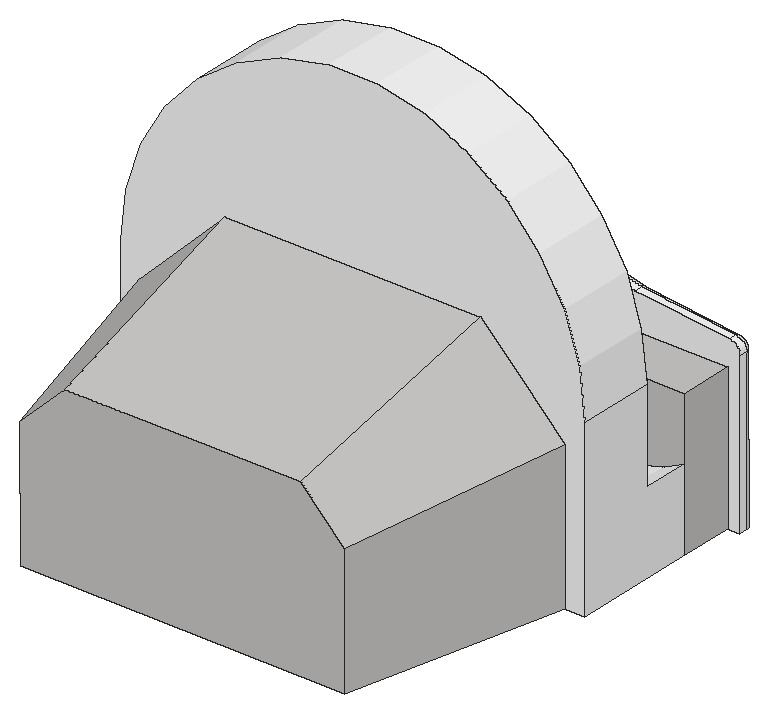
Revit family "Basin-One_Station-Acorn-Kurve®, Meridian-3791_Series", category Plumbing Fixtures, host Face, Revit 2019
Family settings
  Host = Face
  Round Connector Dimension = Use Diameter
  Part Type = Normal
  OmniClass Number = 23.45.05.14.14
  OmniClass Title = Sinks/Lavatories
  Cut with Voids When Loaded = No
  Shared = Yes
  Room Calculation Point = No
Parameters (values of type "3791-RO")
  Width = 21"
  Waste Connection Width = 0"
  Waste Connection Height = 25"  # constant formula
  Waste Connection Diameter = 1 1/2"  # constant formula
  Waste Connection = yes
  Warranty Documentation Link = "https://www.acorneng.com/uploads/docs/AE_Terms_General.pdf"
  WFU = 2  # constant formula
  Vent Connection = no
  URL = "https://www.acorneng.com/"
  Type Comments = ""
  Sensor Material = Plastic-Acorn-Black
  ST - Single Temperature Valve = no
  SO-BAT- Sensor Operation (Batteries Not Included) = no
  SO - Sensor Operated = no
  RO - Right Offset = yes
  Product Page URL = "https://www.acorneng.com/single-station-solid-surface-basin-3791"
  Product Documentation Link = "https://www.acorneng.com/uploads/fileLibrary/3791.pdf"
  PPZ - Programmable Piezo Push button Electronic Metering = no
  Operating Range = "30 PSI - 100 PSI"
  Model Type = Basin-One_Station-Acorn-Kurve®, Meridian-3791-RO : 3791-RO
  Model = "3791-RO"
  Material = "Polymer Resin Corterra-Acorn-Solid Surface OCC11M"  # constant formula
  Manufacturer = "Acorn"  # constant formula
  Length = 24 5/8"
  LWP - Less Waste Piping = no
  LO - Left Offset = no
  Installation Type = "Wall Mounted"  # constant formula
  Inlet Connection Height = 21 1/2"
  Inlet Connection Diameter = 1/2"  # constant formula
  Height = 21"
  HWFU = 1.5  # constant formula
  HW Connection = yes
  HW & CW Width = 0"
  H - Hand Operation = no
  Flow Rate = "0.5 GPM"
  Faucet Material = Metal-Acorn-Stainless Steel
  Description = "One Station, Cast Solid Surface Kurve® Wash Basin"  # constant formula
  Default Elevation = 34"
  DV - Liquid / Lotion Soap Dispenser = yes
  Creation Date = "11/17/2023"  # constant formula
  Countertop, Basin and Sprayhead Shelf Material = Polymer Resin Corterra-Acorn-Solid Surface OCC11M
  Compliance Certifications = "Complies with IAPMO IGC 156, CSA B45 Series, ASME A112.18.1/CSA B125.1"
  CWFU = 1.5  # constant formula
  CW Connection = yes
  P-Trap Enclosure Material = Stainless Steel-Acorn-Satin
  Bowl Shape = "Curve"
  Assembly Code = "D2010300"
  ADA Compliant = yes
Types (3): name | Waste Connection Width | RO - Right Offset | Model Type | Model | LO - Left Offset | HW & CW Width
  (no name) | 0" | yes | Basin-One_Station-Acorn-Kurve®, Meridian-3791-RO : 3791-RO | "3791-RO" | no | 0"
  3791-RO | 0" | yes | Basin-One_Station-Acorn-Kurve®, Meridian-3791-RO : 3791-RO | "3791-RO" | no | 0"
  3791-LO | 3 1/2" | no | Basin-One_Station-Acorn-Kurve®, Meridian-3791-LO : 3791-LO | "3791-LO" | yes | 8 1/2"
Reference planes (in)
  plane 1 "Center (Front/Back)": y = 0
  plane 2: z = 0
  plane 3 "Center (Left/Right)": x = 0
  plane 4: x = -12
  plane 5: x = 12
  plane 6: z = 21
  plane 7: x = -6.625
  plane 8: x = 12.625
  plane 9: y = -34
  plane 10: y = -15
  plane 11: y = 6
  plane 12: y = 2.5
  plane 13: z = 11.375
  plane 14: y = -30
  plane 15: y = -4
  plane 16: z = 9
  plane 17: y = -9
  plane 18: x = -1.75
  plane 19: x = -1.75
  plane 20: x = -5.5
  plane 21: x = -5.5
  plane 22: x = -3
  plane 23: y = -12.5
Forms (in)
  Extrusion 1, void
    sketch origin (0, 0, 0) x (1, 0, 0) y (0, 1, 0)
      loop
        circle (-1.75, -9) r 0.75
      loop
        circle (-5.5, -12.5) r 0.25
      loop
        circle (-3, -12.5) r 0.25
    from 0 to -0.15528
Dimensions and locks (in)
  plane 4 to plane 5 = 24"
  plane 6 to plane 2 = 21"
  plane 4 to plane 7 = 5 3/8"  (x2)
  plane 8 to plane 5 = 5/8"
  plane 9 to plane 1 "Center (Front/Back)" = 34"
  plane 10 to plane 1 "Center (Front/Back)" = 15"
  plane 1 "Center (Front/Back)" to plane 11 = 6"
  plane 11 to plane 12 = 3 1/2"
  plane 13 to host face = 11 3/8"
  plane 10 to plane 15 to plane 1 "Center (Front/Back)" = 11", 4"
  plane 1 "Center (Front/Back)" to plane 15 = 4"
  plane 15 to plane 10 = 11"
  plane 7 to plane 8 = 19 1/4"
  plane 5 to plane 8 = 5/8"
  host face to plane 13 = 11 3/8"
  host face to plane 16 = 9"
  plane 16 to host face = 9"
  "Waste Connection Height": plane 17 to plane 9
  locked: plane 18 to plane 3 "Center (Left/Right)" at 1.75
  "Waste Connection Width": plane 18 to plane 19
  "Length": plane 4 to plane 8
  "Height": plane 11 to plane 10
  "Width": plane 6 to host face
  locked: plane 20 to plane 22 at 2.5
  "Inlet Connection Height": plane 23 to plane 9
  "HW & CW Width": plane 21 to plane 20
  plane 20 to plane 3 "Center (Left/Right)" = 5 1/2"
  plane 22 to plane 3 "Center (Left/Right)" = 3"
  "Waste Connection Diameter": diameter of Extrusion 1 sketch curve
  "Inlet Connection Diameter": diameter of Extrusion 1 sketch curve
  diameter of Extrusion 1 sketch curve = 1/2"
  aligned and locked: plane 2 to host face
  aligned and locked: level to host face
  aligned and locked: plane 3 "Center (Left/Right)" to nested 1
  aligned and locked: plane 19 to Extrusion 1 sketch curve
  aligned and locked: plane 17 to Extrusion 1 sketch curve
  aligned and locked: plane 20 to Extrusion 1 sketch curve
  aligned and locked: plane 23 to Extrusion 1 sketch curve  (x2)
  aligned and locked: plane 22 to Extrusion 1 sketch curve
Automatic sketch dimensions
  host sketch curve to host sketch curve = 96"  (x2)
Nested families (in)
  nested 1: "Basin-One_Station-Acorn-Kurve®, Meridian-3791-RO" at (0, 0, 0), type <- "Model Type", DV - Liquid / Lotion Soap Dispenser <- "DV - Liquid / Lotion Soap Dispenser", type "3791-RO"
Connectors (in)
  piping at (-1.75, -9, 0), diameter 1.5, driven by "Waste Connection Diameter", driven by "WFU"
    settings: on Extrusion 1, index 1, connector inside diameter 24", connector length 0", flow factor 0, pipe flow 0 GPM, pressure drop 0.00 psi, fitting loss kfactor 0, connector angle 0.00°, fixture units 2, engagement length 0", angle of deflection 0.00°, flow configuration 3, flow direction 2, fitting loss method 0, system type 16, joint type 0, gender type 0, connector reference index -1, connector utility 0, adjustable connector no, is connector primary yes, connector description "1 1/2\" Waste Outlet Connection"
  piping at (-5.5, -12.5, 0), diameter 0.5, driven by "Inlet Connection Diameter", driven by "HWFU"
    settings: on Extrusion 1, index 2, connector inside diameter 24", connector length 0", flow factor 0, pipe flow 0 GPM, pressure drop 0.00 psi, fitting loss kfactor 0, connector angle 0.00°, fixture units 1.5, engagement length 0", angle of deflection 0.00°, flow configuration 3, flow direction 1, fitting loss method 0, system type 19, joint type 0, gender type 0, connector reference index -1, connector utility 0, adjustable connector no, is connector primary no, connector description "1/2\" HW Inlet Connection"
  piping at (-3, -12.5, 0), diameter 0.5, driven by "Inlet Connection Diameter", driven by "CWFU"
    settings: on Extrusion 1, index 3, connector inside diameter 24", connector length 0", flow factor 0, pipe flow 0 GPM, pressure drop 0.00 psi, fitting loss kfactor 0, connector angle 0.00°, fixture units 1.5, engagement length 0", angle of deflection 0.00°, flow configuration 3, flow direction 1, fitting loss method 0, system type 20, joint type 0, gender type 0, connector reference index -1, connector utility 0, adjustable connector no, is connector primary no, connector description "1/2\" CW Inlet Connection"
Definition of nested family "Basin-One_Station-Acorn-Kurve®, Meridian-3791-RO"
  Parameters (values of type "3791-RO")
    Waste Connection = yes
    Warranty Documentation Link = "https://www.acorneng.com/uploads/docs/AE_Terms_General.pdf"
    WFU = 2  # constant formula
    Vent Connection = no
    URL = "https://www.acorneng.com/"
    Type Comments = ""
    Sensor Material = none
    ST - Single Temperature Valve = no
    SO-BAT- Sensor Operation (Batteries Not Included) = no
    SO - Sensor Operated = no
    RO - Right Offset = no
    Product Page URL = "https://www.acorneng.com/single-station-solid-surface-basin-3791"
    Product Documentation Link = "https://www.acorneng.com/uploads/fileLibrary/3791.pdf"
    PPZ - Programmable Piezo Push button Electronic Metering = no
    Operating Range = "30 PSI - 100 PSI"
    Model = "3791-RO"
    Material = "Polymer Resin Corterra-Acorn-Solid Surface OCC11M"  # constant formula
    Manufacturer = "Acorn"  # constant formula
    LWP - Less Waste Piping = no
    LO - Left Offset = no
    Installation Type = "Wall Mounted"  # constant formula
    HWFU = 1.5  # constant formula
    HW Connection = yes
    H - Hand Operation = no
    Flow Rate = "0.5 GPM"
    Faucet Material = none
    Description = "One Station, Cast Solid Surface Kurve® Wash Basin"  # constant formula
    Default Elevation = 34"
    DV - Liquid / Lotion Soap Dispenser [instance] = yes
    Creation Date = "11/17/2023"  # constant formula
    Countertop, Basin and Sprayhead Shelf Material = none
    Compliance Certifications = "Complies with IAPMO IGC 156, CSA B45 Series, ASME A112.18.1/CSA B125.1"
    CWFU = 1.5  # constant formula
    CW Connection = yes
    P-Trap Enclosure Material = none
    Bowl Shape = "Curve"
    Assembly Code = "D2010300"
    ADA Compliant = yes
  Reference planes (in)
    plane 1 "Center (Front/Back)": y = 0
    plane 2: z = 0
    plane 3 "Center (Left/Right)": x = 0
    plane 4: x = -12
    plane 5: x = 12
    plane 6: z = 21
    plane 7: x = -6.625
    plane 8: x = 12.625
    plane 9: y = -34
    plane 10: y = -15
    plane 11: y = 6
    plane 12: y = 2.5
    plane 13: z = 11.375
    plane 14: y = -30
    plane 15: y = -4
    plane 16: z = 9
  Forms (in)
    Extrusion 1, solid
      sketch origin (0, 0, 0) x (1, 0, 0) y (0, 1, 0)
        loop
          line (-48, 48) -> (-48, -48) -> (48, -48) -> (48, 48) -> (-48, 48)
      from 0 to -12
    Extrusion 2, solid, material <- "Countertop, Basin and Sprayhead Shelf Material"
      sketch origin (1.17008, 0, 0) x (1, 0, 0) y (0, 0, -1)
        loop
          line (11.45492, 0) -> (-7.79508, 0) -> (-7.79508, -6.52322)
          arc (-7.79508, -6.52322) -> (-3.96399, -10.76739) -> (1.75335, -10.72006) r 6.97355
          arc (1.75335, -10.72006) -> (3.84359, -9.90645) -> (6.01561, -9.34661) r 18.86886
          arc (6.01561, -9.34661) -> (8.4439, -8.97553) -> (10.89447, -8.80527) r 29.86369
          arc (10.89447, -8.80527) -> (11.29172, -8.63079) -> (11.45492, -8.22878) r 0.57672
          line (11.45492, -8.22878) -> (11.45492, 0)
      from 5.28956 to 6
    Extrusion 3, solid, material <- "P-Trap Enclosure Material"
      sketch origin (1.17008, 0, 0) x (1, 0, 0) y (0, 0, -1)
        loop
          line (10.82992, 0) -> (-6.42008, 0) -> (-6.42008, -7.5) -> (-4.29876, -9.62132) -> (1.9586, -9.62132) -> (4.07992, -7.5) -> (10.82992, -7.5) -> (10.82992, 0)
      from 2.5 to 5.28956
    Extrusion 4, solid, material <- "Countertop, Basin and Sprayhead Shelf Material"
      sketch origin (1.17008, 0, 0) x (1, 0, 0) y (0, 0, -1)
        loop
          line (-5.79508, 0) -> (-5.79508, -4.59226)
          arc (-5.79508, -4.59226) -> (-0.93879, -5.65254) -> (3.82992, -4.25) r 10.02592
          arc (3.82992, -4.25) -> (7.32992, -3.28784) -> (10.82992, -4.25) r 6.84697
          line (10.82992, -4.25) -> (10.82992, 0) -> (-5.79508, 0)
      from 0 to 2.5
    Extrusion 5, solid, material <- "Countertop, Basin and Sprayhead Shelf Material"
      sketch origin (1.17008, 0, 0) x (1, 0, 0) y (0, 0, -1)
        loop
          line (10.82992, 0) -> (-13.17008, 0) -> (-13.17008, -8.97726)
          arc (-13.17008, -8.97726) -> (-1.17008, -20.97726) -> (10.82992, -8.97726) r 12
          line (10.82992, -8.97726) -> (10.82992, 0)
      from -4 to 0
    Sweep 6, void
      path origin (1.17008, 0, 0) x (1, 0, 0) y (0, 0, -1)
        loop
          arc (3.22248, -4.70579) -> (-1.17039, -5.64417) -> (-5.56321, -4.70554) r 10.75
          arc (-5.56321, -4.70554) -> (-9.43507, -4.87474) -> (-11.61632, -8.07818) r 4.32422
          arc (-11.61632, -8.07818) -> (-11.66955, -10.13989) -> (-11.28241, -12.16562) r 9.6269
          arc (-11.28241, -12.16562) -> (-4.54893, -19.12298) -> (5.03298, -17.73318) r 10.62891
          arc (5.03298, -17.73318) -> (8.47856, -13.51901) -> (9.28365, -8.13541) r 10.26064
          arc (9.28365, -8.13541) -> (7.11966, -4.88907) -> (3.22248, -4.70579) r 4.32503
      profile origin (-0.00031, 0, 5.64417) x (-0.000029, 0, 1) y (0, 1, 0)
        loop
          line (3.5147, -3.5) -> (3.73083, -3.5) -> (3.73083, 0) -> (0.0147, 0)
          arc (0.0147, 0) -> (1.03983, -2.47487) -> (3.5147, -3.5) r 3.5
    Sweep 7, void
      path origin (1.17008, 0, 0) x (1, 0, 0) y (0, 0, -1)
        loop
          line (-7.79508, 0) -> (-7.79508, -6.52322)
          arc (-7.79508, -6.52322) -> (-3.96399, -10.76739) -> (1.75335, -10.72006) r 6.97355
          arc (1.75335, -10.72006) -> (3.84359, -9.90645) -> (6.01561, -9.34661) r 18.86886
          arc (6.01561, -9.34661) -> (8.4439, -8.97553) -> (10.89447, -8.80527) r 29.86369
          arc (10.89447, -8.80527) -> (11.29172, -8.63079) -> (11.45492, -8.22878) r 0.57672
          line (11.45492, -8.22878) -> (11.45492, 0)
      profile origin (12.625, 0, 4.11439) x (0, 1, 0) y (-1, 0, 0)
        loop
          line (6, 0) -> (6, 0.28022)
          arc (6, 0.28022) -> (5.91792, 0.08208) -> (5.71978, 0) r 0.28022
          line (5.71978, 0) -> (6, 0)
    Blend 8, solid, material <- "P-Trap Enclosure Material"
      base sketch origin (0.54508, 0, 0) x (1, 0, 0) y (0, 0, -1)
        loop
          line (-8.9578, 0) -> (-8.9578, -6.7088) -> (-6.6666, -9) -> (5.57644, -9) -> (7.86764, -6.7088) -> (7.86764, 0) -> (-8.9578, 0)
      top sketch origin (0.54508, 0, 0) x (1, 0, 0) y (0, 0, -1)
        loop
          line (-11.54206, 0) -> (-11.54206, -7.63541) -> (-7.17747, -12) -> (6.08731, -12) -> (10.45191, -7.63541) -> (10.45191, 0) -> (-11.54206, 0)
      from -15 to -4
    Extrusion 9, solid
      sketch origin (1.17008, 0, 0) x (1, 0, 0) y (0, 0, -1)
        loop
          circle (-1.17008, -11.375) r 0.75
        loop
          arc (-1.06554, -10.86959) -> (-1.17413, -10.72093) -> (-1.28013, -10.87145) r 0.11328
          line (-1.28013, -10.87145) -> (-1.17008, -11.1875) -> (-1.06554, -10.86959)
        loop
          arc (-0.66556, -11.48335) -> (-0.51689, -11.37476) -> (-0.66742, -11.26876) r 0.11328
          line (-0.66742, -11.26876) -> (-0.98347, -11.37881) -> (-0.66556, -11.48335)
        loop
          arc (-0.89673, -11.79875) -> (-0.71234, -11.82747) -> (-0.74426, -11.6436) r 0.11483
          line (-0.74426, -11.6436) -> (-1.04967, -11.49595) -> (-0.89673, -11.79875)
        loop
          line (-0.89673, -10.95125) -> (-1.04967, -11.25405) -> (-0.74426, -11.1064)
          arc (-0.74426, -11.1064) -> (-0.71234, -10.92253) -> (-0.89673, -10.95125) r 0.11483
        loop
          line (-1.06554, -11.88041) -> (-1.17008, -11.5625) -> (-1.28013, -11.87855)
          arc (-1.28013, -11.87855) -> (-1.17413, -12.02907) -> (-1.06554, -11.88041) r 0.11328
        loop
          line (-1.6746, -11.48335) -> (-1.35669, -11.37881) -> (-1.67274, -11.26876)
          arc (-1.67274, -11.26876) -> (-1.82327, -11.37476) -> (-1.6746, -11.48335) r 0.11328
        loop
          line (-1.44342, -11.79875) -> (-1.29049, -11.49595) -> (-1.5959, -11.6436)
          arc (-1.5959, -11.6436) -> (-1.62782, -11.82747) -> (-1.44342, -11.79875) r 0.11483
        loop
          arc (-1.44342, -10.95125) -> (-1.62782, -10.92253) -> (-1.5959, -11.1064) r 0.11483
          line (-1.5959, -11.1064) -> (-1.29049, -11.25405) -> (-1.44342, -10.95125)
      from -3.47705 to -3.52221
    Extrusion 10, solid, material <- "Sensor Material"
      sketch origin (0, 0, 0) x (1, 0, 0) y (0, 1, 0)
        loop
          arc (-0.20691, 4.14478) -> (-0.45691, 3.89478) -> (-0.20691, 3.64478) r 0.25
          line (-0.20691, 3.64478) -> (0.58191, 3.64478)
          arc (0.58191, 3.64478) -> (0.83191, 3.89478) -> (0.58191, 4.14478) r 0.25
          line (0.58191, 4.14478) -> (-0.20691, 4.14478)
      from 9.0589 to 9.6748
    Revolve 11, solid, material <- "Faucet Material", visible <- "DV - Liquid / Lotion Soap Dispenser"
      sketch origin (1.375, 0.97853, 6.80219) x (1, 0, 0) y (0, 1, 0)
        loop
          line (6.72889, 0.38508) -> (6.86218, 0.38508) -> (6.86218, 0.48794) -> (6.94887, 0.48794) -> (6.94887, 1.13941) -> (6.99114, 1.13941)
          arc (6.99114, 1.13941) -> (7.03272, 1.15663) -> (7.04995, 1.19821) r 0.0588
          line (7.04995, 1.19821) -> (7.04995, 1.52147) -> (6.72889, 1.52147) -> (6.72889, 0.38508)
        axis (6.72889, 1.52147) -> (6.72889, 0.38508)
      angle from 0 to 360
    Revolve 12, solid, material <- "Faucet Material"
      sketch origin (-6.54139, 1.55802, 7.59179) x (1, 0, 0) y (0, 0.819152, -0.573576)
        loop
          line (6.72889, 0.34287) -> (6.86218, 0.34287) -> (6.86218, 0.26125) -> (6.94887, 0.26125) -> (6.94887, 0.60716) -> (6.99114, 0.60716)
          arc (6.99114, 0.60716) -> (7.03272, 0.62438) -> (7.04995, 0.66596) r 0.0588
          line (7.04995, 0.66596) -> (7.04995, 1.52147) -> (6.72889, 1.52147) -> (6.72889, 0.34287)
        axis (6.72889, 1.52147) -> (6.72889, 0.26125)
      angle from 0 to 360
    Extrusion 13, void
      sketch origin (1.17008, 0, 0) x (1, 0, 0) y (0, 0, -1)
        loop
          arc (2.87457, -14.69011) -> (5.06731, -12.00823) -> (5.57966, -8.58214) r 6.52981
          arc (5.57966, -8.58214) -> (5.28236, -8.13613) -> (4.74694, -8.11095) r 0.59421
          arc (4.74694, -8.11095) -> (-1.1705, -9.375) -> (-7.08787, -8.11061) r 14.48083
          arc (-7.08787, -8.11061) -> (-7.61918, -8.13383) -> (-7.91851, -8.57342) r 0.59339
          arc (-7.91851, -8.57342) -> (-7.95111, -9.83613) -> (-7.714, -11.0768) r 5.89607
          arc (-7.714, -11.0768) -> (-3.34402, -15.59207) -> (2.87457, -14.69011) r 6.89808
      from -3.5 to 0
  Cuts and joins
    Sweep 6 cuts Extrusion 4
    Sweep 6, Extrusion 13 cuts Extrusion 5
    joined: Extrusion 4, Extrusion 5
    Sweep 7 cuts Extrusion 2
  Dimensions and locks (in)
    plane 4 to plane 5 = 24"
    plane 6 to plane 2 = 21"
    plane 4 to plane 7 = 5 3/8"  (x2)
    plane 8 to plane 5 = 5/8"
    plane 9 to plane 1 "Center (Front/Back)" = 34"
    plane 10 to plane 1 "Center (Front/Back)" = 15"
    plane 1 "Center (Front/Back)" to plane 11 = 6"
    plane 11 to plane 12 = 3 1/2"
    plane 13 to Extrusion 1 = 11 3/8"
    plane 10 to plane 15 to plane 1 "Center (Front/Back)" = 11", 4"
    plane 1 "Center (Front/Back)" to plane 15 = 4"
    plane 15 to plane 10 = 11"
    plane 7 to plane 8 = 19 1/4"
    plane 5 to plane 8 = 5/8"
    Extrusion 1 to plane 13 = 11 3/8"
    Extrusion 1 to plane 16 = 9"
    plane 16 to Extrusion 1 = 9"
    aligned and locked: plane 2 to Extrusion 1
    aligned and locked: level to Extrusion 1
